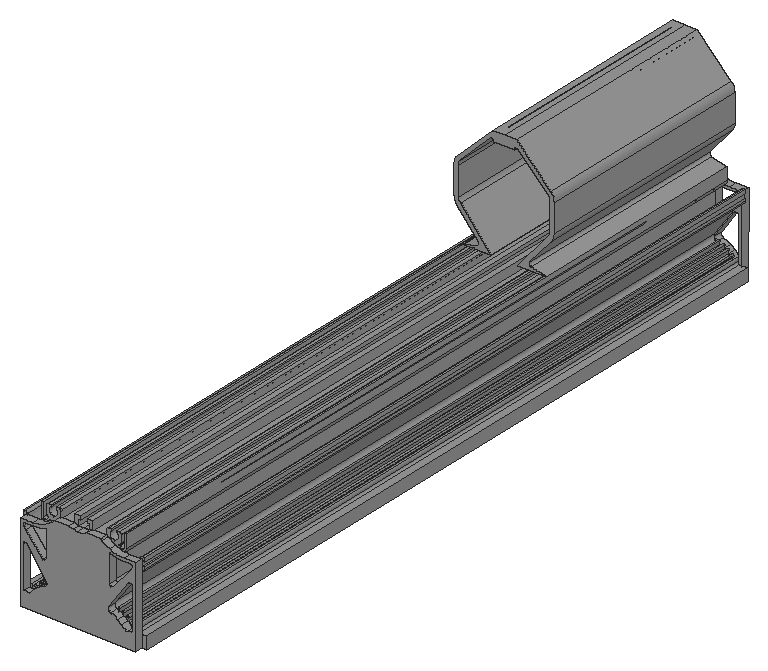
Revit family "L-street 24 Standart", category Осветительные приборы, Revit 2017 (continued)
Types (7, lengths in mm): name | built-in parameter 1150134 | Файл фотометрической сетки | built-in parameter 1150105 | Lumens | built-in parameter 1150106 | built-in parameter 1150142 | Wattage | built-in parameter 1150107 | Артикул
  L-street 24 Standart 4.0K Ш8 | 12 | "L-street 24-32-LLI8-4.0K-01 Standart.ies" | 340.19 (stored number, unit not read) | 4275 lm | 3.4019 (stored number, unit not read) | "IESNA:LM-63-1995\r\n[TEST]LEDEL\r\n[DATA]28.11.2018\r\n[MANUFAC]LEDEL\r\n[LUMCAT]L-street 24/32/Ш8/4.0К/01 Standart\r\n[LUMINAIRE]Для освещения городских улиц, придомовых территорий, парков и пр\r\n[LAMPCAT]LED \r\n[LAMP]OSRAM OSLON SQUARE\r\nTILT=NONE\r\n\r\n1 4275 1 73 145 1 2 0.533 0.083 0.148\r\n1 1 32\r\n0 2.5 5 7.5 10 12.5 15 17.5 20 22.5 25 27.5 30 32.5 35 37.5 40 42.5 45 47.5 50 52.5 55 57.5 60 62.5 65 67.5 70 72.5 75 77.5 80 82.5\r\n 85 87.5 90 92.5 95 97.5 100 102.5 105 107.5 110 112.5 115 117.5 120 122.5 125 127.5 130 132.5 135 137.5 140 142.5 145 147.5 150 \r\n152.5 155 157.5 160 162.5 165 167.5 170 172.5 175 177.5 180\r\n0 2.5 5 7.5 10 12.5 15 17.5 20 22.5 25 27.5 30 32.5 35 37.5 40 42.5 45 47.5 50 52.5 55 57.5 60 62.5 65 67.5 70 72.5 75 77.5 80 82.5\r\n 85 87.5 90 92.5 95 97.5 100 102.5 105 107.5 110 112.5 115 117.5 120 122.5 125 127.5 130 132.5 135 137.5 140 142.5 145 147.5 150 \r\n152.5 155 157.5 160 162.5 165 167.5 170 172.5 175 177.5 180 182.5 185 187.5 190 192.5 195 197.5 200 202.5 205 207.5 210 212.5 215 \r\n217.5 220 222.5 225 227.5 230 232.5 235 237.5 240 242.5 245 247.5 250 252.5 255 257.5 260 262.5 265 267.5 270 272.5 275 277.5 280 \r\n282.5 285 287.5 290 292.5 295 297.5 300 302.5 305 307.5 310 312.5 315 317.5 320 322.5 325 327.5 330 332.5 335 337.5 340 342.5 345 \r\n347.5 350 352.5 355 357.5 360\r\n1229.747 1265.943 1265.943 1269.953 1280.837 1295.157 1310.051 1326.09 1342.702 1358.741 1375.353 1389.673 1401.13 1410.295 \r\n1412.014 1410.868 1409.722 1409.15 1406.285 1400.557 1392.538 1384.518 1371.916 1353.013 1328.954 1299.74 1233.865 1099.251 866.111\r\n 402.696 123.157 55.564 61.292 69.885 69.312 64.156 51.554 0.00 0.00 0.00 0.00 0.00 0.00 0.00 0.00 0.00 0.00 0.00 0.00 0.00 0.00 \r\n0.00 0.00 0.00 0.00 0.00 0.00 0.00 0.00 0.00 0.00 0.00 0.00 0.00 0.00 0.00 0.00 0.00 0.00 0.00 0.00 0.00 0.00\r\n1229.747 1267.948 1272.817 1280.264 1292.007 1306.328 1321.794 1337.26 1352.154 1365.329 1378.217 1388.241 1393.97 1398.552 \r\n1398.839 1397.693 1397.12 1397.121 1394.829 1390.246 1381.654 1371.057 1358.741 1340.697 1303.177 1218.972 1048.27 788.494 505.805 \r\n238.295 92.511 55.278 54.132 54.705 49.836 42.103 34.083 0.00 0.00 0.00 0.00 0.00 0.00 0.00 0.00 0.00 0.00 0.00 0.00 0.00 0.00 0.00\r\n 0.00 0.00 0.00 0.00 0.00 0.00 0.00 0.00 0.00 0.00 0.00 0.00 0.00 0.00 0.00 0.00 0.00 0.00 0.00 0.00 0.00\r\n1229.747 1269.953 1279.691 1290.575 1303.177 1317.498 1333.537 1348.43 1361.605 1371.916 1381.081 1386.809 1386.809 1386.809 \r\n1385.664 1384.518 1384.518 1385.091 1383.372 1379.935 1370.77 1357.595 1345.566 1328.381 1277.40 1138.203 862.674 477.736 145.498 \r\n73.894 61.865 54.991 46.972 39.525 30.36 20.049 16.612 0.00 0.00 0.00 0.00 0.00 0.00 0.00 0.00 0.00 0.00 0.00 0.00 0.00 0.00 0.00 \r\n0.00 0.00 0.00 0.00 0.00 0.00 0.00 0.00 0.00 0.00 0.00 0.00 0.00 0.00 0.00 0.00 0.00 0.00 0.00 0.00 0.00\r\n1229.747 1266.23 1273.677 1282.842 1293.439 1305.469 1319.216 1331.246 1341.843 1349.862 1356.736 1359.887 1358.168 1357.023 \r\n1355.018 1353.586 1353.586 1354.445 1355.59 1354.445 1348.43 1340.697 1336.687 1328.668 1284.274 1142.213 854.369 458.547 134.901 \r\n72.176 60.72 53.273 46.113 38.093 28.642 19.19 16.612 0.00 0.00 0.00 0.00 0.00 0.00 0.00 0.00 0.00 0.00 0.00 0.00 0.00 0.00 0.00 \r\n0.00 0.00 0.00 0.00 0.00 0.00 0.00 0.00 0.00 0.00 0.00 0.00 0.00 0.00 0.00 0.00 0.00 0.00 0.00 0.00 0.00\r\n1229.747 1262.506 1267.662 1275.108 1283.701 1293.439 1304.895 1314.061 1322.08 1327.808 1332.391 1332.964 1329.527 1327.236 \r\n1324.371 1322.653 1322.653 1323.799 1327.808 1328.954 1326.09 1323.799 1327.808 1328.954 1291.148 1146.223 846.063 439.357 124.303 \r\n70.457 59.574 51.554 45.253 36.661 26.923 18.33 16.612 0.00 0.00 0.00 0.00 0.00 0.00 0.00 0.00 0.00 0.00 0.00 0.00 0.00 0.00 0.00 \r\n0.00 0.00 0.00 0.00 0.00 0.00 0.00 0.00 0.00 0.00 0.00 0.00 0.00 0.00 0.00 0.00 0.00 0.00 0.00 0.00 0.00\r\n1229.747 1257.637 1261.361 1266.516 1272.531 1280.264 1289.143 1295.444 1300.886 1304.609 1306.901 1305.755 1300.60 1296.017 \r\n1291.148 1288.57 1288.857 1292.007 1298.594 1302.604 1304.896 1308.906 1318.643 1318.93 1268.808 1102.402 785.916 389.808 112.56 \r\n67.593 57.283 49.549 43.248 35.229 26.064 18.044 16.326 0.00 0.00 0.00 0.00 0.00 0.00 0.00 0.00 0.00 0.00 0.00 0.00 0.00 0.00 0.00 \r\n0.00 0.00 0.00 0.00 0.00 0.00 0.00 0.00 0.00 0.00 0.00 0.00 0.00 0.00 0.00 0.00 0.00 0.00 0.00 0.00 0.00\r\n1229.747 1252.768 1255.06 1257.924 1261.361 1267.089 1273.39 1276.827 1279.691 1281.41 1281.41 1278.545 1271.672 1264.798 1257.924 \r\n1254.487 1255.06 1260.215 1269.38 1276.254 1283.701 1294.012 1309.478 1308.905 1246.467 1058.581 725.769 340.258 100.817 64.729 \r\n54.991 47.544 41.243 33.797 25.204 17.758 16.039 0.00 0.00 0.00 0.00 0.00 0.00 0.00 0.00 0.00 0.00 0.00 0.00 0.00 0.00 0.00 0.00 \r\n0.00 0.00 0.00 0.00 0.00 0.00 0.00 0.00 0.00 0.00 0.00 0.00 0.00 0.00 0.00 0.00 0.00 0.00 0.00 0.00\r\n1229.747 1249.331 1249.045 1250.191 1251.337 1254.773 1258.21 1259.07 1258.783 1258.211 1255.919 1251.05 1241.885 1231.861 1222.982\r\n 1218.686 1219.258 1224.987 1234.438 1244.176 1253.628 1263.08 1269.953 1253.914 1167.99 960.914 634.977 295.292 96.235 62.438 \r\n52.414 45.253 39.239 32.651 24.918 17.758 16.039 0.00 0.00 0.00 0.00 0.00 0.00 0.00 0.00 0.00 0.00 0.00 0.00 0.00 0.00 0.00 0.00 \r\n0.00 0.00 0.00 0.00 0.00 0.00 0.00 0.00 0.00 0.00 0.00 0.00 0.00 0.00 0.00 0.00 0.00 0.00 0.00 0.00\r\n1229.747 1245.894 1243.03 1242.457 1241.312 1242.457 1243.03 1241.312 1237.875 1235.011 1230.428 1223.554 1212.098 1198.923 \r\n1188.039 1182.884 1183.456 1189.758 1199.496 1212.098 1223.554 1232.147 1230.428 1198.923 1089.513 863.247 544.184 250.325 91.652 \r\n60.147 49.836 42.962 37.234 31.505 24.631 17.758 16.039 0.00 0.00 0.00 0.00 0.00 0.00 0.00 0.00 0.00 0.00 0.00 0.00 0.00 0.00 0.00 \r\n0.00 0.00 0.00 0.00 0.00 0.00 0.00 0.00 0.00 0.00 0.00 0.00 0.00 0.00 0.00 0.00 0.00 0.00 0.00 0.00 0.00\r\n1229.747 1241.598 1237.016 1234.724 1231.574 1229.855 1227.851 1224.127 1218.113 1212.385 1205.797 1196.345 1182.311 1167.418 \r\n1155.102 1147.369 1145.364 1148.515 1154.816 1161.403 1164.553 1159.971 1138.49 1083.212 961.773 750.974 469.43 221.97 92.511 \r\n59.288 48.118 41.53 36.088 30.646 23.199 17.185 16.039 0.00 0.00 0.00 0.00 0.00 0.00 0.00 0.00 0.00 0.00 0.00 0.00 0.00 0.00 0.00 \r\n0.00 0.00 0.00 0.00 0.00 0.00 0.00 0.00 0.00 0.00 0.00 0.00 0.00 0.00 0.00 0.00 0.00 0.00 0.00 0.00 0.00\r\n1229.747 1237.302 1231.001 1226.991 1221.836 1217.253 1212.671 1206.942 1198.35 1189.758 1181.165 1169.136 1152.524 1135.912 \r\n1122.164 1111.853 1107.271 1107.271 1110.135 1110.708 1105.552 1087.795 1046.551 967.501 834.033 638.70 394.676 193.615 93.37 \r\n58.428 46.399 40.098 34.942 29.787 21.767 16.612 16.039 0.00 0.00 0.00 0.00 0.00 0.00 0.00 0.00 0.00 0.00 0.00 0.00 0.00 0.00 0.00 \r\n0.00 0.00 0.00 0.00 0.00 0.00 0.00 0.00 0.00 0.00 0.00 0.00 0.00 0.00 0.00 0.00 0.00 0.00 0.00 0.00 0.00\r\n1229.747 1232.433 1224.70 1218.113 1210.38 1203.506 1196.346 1188.326 1178.015 1166.845 1154.529 1139.636 1121.878 1102.688 \r\n1086.649 1073.188 1063.45 1055.717 1046.838 1031.658 1005.022 960.055 891.316 796.227 667.055 499.79 311.044 161.537 84.492 54.132 \r\n43.821 37.52 32.651 27.209 20.622 16.326 15.466 0.00 0.00 0.00 0.00 0.00 0.00 0.00 0.00 0.00 0.00 0.00 0.00 0.00 0.00 0.00 0.00 \r\n0.00 0.00 0.00 0.00 0.00 0.00 0.00 0.00 0.00 0.00 0.00 0.00 0.00 0.00 0.00 0.00 0.00 0.00 0.00 0.00\r\n1229.747 1227.564 1218.399 1209.234 1198.923 1189.758 1180.02 1169.709 1157.679 1143.932 1127.892 1110.135 1091.232 1069.464 \r\n1051.134 1034.522 1019.629 1004.162 983.541 952.608 904.491 832.315 736.08 624.952 500.076 360.88 227.412 129.458 75.613 49.836 \r\n41.243 34.942 30.36 24.631 19.476 16.039 14.893 0.00 0.00 0.00 0.00 0.00 0.00 0.00 0.00 0.00 0.00 0.00 0.00 0.00 0.00 0.00 0.00 \r\n0.00 0.00 0.00 0.00 0.00 0.00 0.00 0.00 0.00 0.00 0.00 0.00 0.00 0.00 0.00 0.00 0.00 0.00 0.00 0.00\r\n1229.747 1223.554 1212.671 1201.787 1188.899 1176.869 1165.127 1152.524 1138.776 1122.738 1104.407 1084.931 1064.882 1041.396 \r\n1018.197 995.284 971.798 946.307 913.084 866.112 800.523 717.75 625.525 527.858 424.75 321.069 219.106 128.026 73.035 48.69 39.811 \r\n33.51 28.642 23.772 18.617 15.466 14.607 0.00 0.00 0.00 0.00 0.00 0.00 0.00 0.00 0.00 0.00 0.00 0.00 0.00 0.00 0.00 0.00 0.00 0.00 \r\n0.00 0.00 0.00 0.00 0.00 0.00 0.00 0.00 0.00 0.00 0.00 0.00 0.00 0.00 0.00 0.00 0.00 0.00\r\n1229.747 1219.544 1206.942 1194.34 1178.874 1163.98 1150.233 1135.339 1119.873 1101.543 1080.921 1059.726 1038.532 1013.327 985.259\r\n 956.045 923.967 888.452 842.626 779.615 696.555 603.185 514.97 430.764 349.423 281.257 210.80 126.594 70.457 47.544 38.379 32.078 \r\n26.923 22.913 17.758 14.893 14.321 0.00 0.00 0.00 0.00 0.00 0.00 0.00 0.00 0.00 0.00 0.00 0.00 0.00 0.00 0.00 0.00 0.00 0.00 0.00 \r\n0.00 0.00 0.00 0.00 0.00 0.00 0.00 0.00 0.00 0.00 0.00 0.00 0.00 0.00 0.00 0.00 0.00\r\n1229.747 1215.821 1201.787 1186.894 1169.709 1153.097 1137.631 1121.305 1103.834 1084.072 1062.591 1039.964 1016.765 988.696 \r\n956.618 921.676 884.442 841.194 785.344 711.449 623.52 535.592 453.964 377.778 313.049 266.937 211.946 132.036 70.457 47.258 37.52 \r\n31.219 26.637 22.34 17.758 14.893 13.748 0.00 0.00 0.00 0.00 0.00 0.00 0.00 0.00 0.00 0.00 0.00 0.00 0.00 0.00 0.00 0.00 0.00 0.00 \r\n0.00 0.00 0.00 0.00 0.00 0.00 0.00 0.00 0.00 0.00 0.00 0.00 0.00 0.00 0.00 0.00 0.00 0.00\r\n1229.747 1212.098 1196.631 1179.447 1160.543 1142.213 1125.028 1107.271 1087.795 1066.60 1044.26 1020.201 994.997 964.064 927.977 \r\n887.306 844.917 793.935 728.061 643.282 550.485 467.998 392.958 324.792 276.674 252.616 213.091 137.478 70.457 46.972 36.661 30.36 \r\n26.35 21.767 17.758 14.893 13.175 0.00 0.00 0.00 0.00 0.00 0.00 0.00 0.00 0.00 0.00 0.00 0.00 0.00 0.00 0.00 0.00 0.00 0.00 0.00 \r\n0.00 0.00 0.00 0.00 0.00 0.00 0.00 0.00 0.00 0.00 0.00 0.00 0.00 0.00 0.00 0.00 0.00\r\n1229.747 1209.234 1191.476 1172.573 1151.665 1131.33 1112.14 1093.237 1072.329 1050.275 1026.789 1001.012 973.23 938.86 897.904 \r\n852.65 805.965 748.969 673.929 585.714 499.217 423.318 353.147 291.855 255.194 240.30 209.081 144.352 78.191 47.831 36.375 30.074 \r\n25.777 21.481 17.185 14.034 13.175 0.00 0.00 0.00 0.00 0.00 0.00 0.00 0.00 0.00 0.00 0.00 0.00 0.00 0.00 0.00 0.00 0.00 0.00 0.00 \r\n0.00 0.00 0.00 0.00 0.00 0.00 0.00 0.00 0.00 0.00 0.00 0.00 0.00 0.00 0.00 0.00 0.00\r\n1229.747 1206.369 1186.321 1165.699 1142.786 1120.446 1099.251 1079.202 1056.862 1033.949 1009.318 981.822 951.462 913.656 867.83 \r\n817.994 767.013 704.002 619.797 528.145 447.949 378.637 313.335 258.917 233.713 227.984 205.071 151.226 85.924 48.69 36.088 29.787 \r\n25.204 21.195 16.612 13.175 13.175 0.00 0.00 0.00 0.00 0.00 0.00 0.00 0.00 0.00 0.00 0.00 0.00 0.00 0.00 0.00 0.00 0.00 0.00 0.00 \r\n0.00 0.00 0.00 0.00 0.00 0.00 0.00 0.00 0.00 0.00 0.00 0.00 0.00 0.00 0.00 0.00 0.00\r\n1229.747 1201.50 1179.161 1156.248 1132.189 1108.703 1086.649 1064.882 1041.11 1017.051 990.701 960.914 926.545 885.301 836.611 \r\n782.479 723.478 649.87 562.801 477.736 404.128 338.826 279.825 236.577 217.388 209.081 184.45 138.624 85.065 48.977 34.656 28.069 \r\n23.486 19.477 16.039 13.175 12.889 0.00 0.00 0.00 0.00 0.00 0.00 0.00 0.00 0.00 0.00 0.00 0.00 0.00 0.00 0.00 0.00 0.00 0.00 0.00 \r\n0.00 0.00 0.00 0.00 0.00 0.00 0.00 0.00 0.00 0.00 0.00 0.00 0.00 0.00 0.00 0.00 0.00\r\n1229.747 1196.631 1172.00 1146.796 1121.591 1096.96 1074.047 1050.561 1025.357 1000.152 972.084 940.006 901.627 856.946 805.392 \r\n746.964 679.943 595.738 505.804 427.327 360.307 299.015 246.315 214.237 201.062 190.178 163.828 126.022 84.205 49.263 33.224 26.35 \r\n21.767 17.758 15.466 13.175 12.602 0.00 0.00 0.00 0.00 0.00 0.00 0.00 0.00 0.00 0.00 0.00 0.00 0.00 0.00 0.00 0.00 0.00 0.00 0.00 \r\n0.00 0.00 0.00 0.00 0.00 0.00 0.00 0.00 0.00 0.00 0.00 0.00 0.00 0.00 0.00 0.00 0.00\r\n1229.747 1192.335 1165.699 1139.349 1112.713 1087.795 1063.736 1039.678 1013.901 987.837 958.05 923.108 881.865 834.606 781.047 \r\n719.755 645.86 559.077 473.44 399.832 335.389 277.248 229.13 201.062 187.887 174.998 150.08 117.43 82.201 50.982 33.797 25.491 \r\n20.908 17.185 15.18 12.889 12.602 0.00 0.00 0.00 0.00 0.00 0.00 0.00 0.00 0.00 0.00 0.00 0.00 0.00 0.00 0.00 0.00 0.00 0.00 0.00 \r\n0.00 0.00 0.00 0.00 0.00 0.00 0.00 0.00 0.00 0.00 0.00 0.00 0.00 0.00 0.00 0.00 0.00\r\n1229.747 1188.039 1159.398 1131.902 1103.834 1078.63 1053.425 1028.794 1002.444 975.521 944.016 906.209 862.102 812.266 756.702 \r\n692.545 611.777 522.416 441.075 372.336 310.471 255.48 211.945 187.887 174.712 159.818 136.332 108.837 80.196 52.70 34.37 24.631 \r\n20.049 16.612 14.893 12.602 12.602 0.00 0.00 0.00 0.00 0.00 0.00 0.00 0.00 0.00 0.00 0.00 0.00 0.00 0.00 0.00 0.00 0.00 0.00 0.00 \r\n0.00 0.00 0.00 0.00 0.00 0.00 0.00 0.00 0.00 0.00 0.00 0.00 0.00 0.00 0.00 0.00 0.00\r\n1229.747 1185.462 1155.102 1125.888 1096.96 1070.897 1045.406 1019.915 992.993 964.351 931.414 891.602 845.777 795.081 737.226 \r\n666.196 581.418 495.207 419.308 353.433 293.573 241.446 201.348 179.008 164.401 148.075 126.594 101.963 77.332 52.70 34.943 24.631 \r\n19.19 16.326 14.034 12.602 12.602 0.00 0.00 0.00 0.00 0.00 0.00 0.00 0.00 0.00 0.00 0.00 0.00 0.00 0.00 0.00 0.00 0.00 0.00 0.00 \r\n0.00 0.00 0.00 0.00 0.00 0.00 0.00 0.00 0.00 0.00 0.00 0.00 0.00 0.00 0.00 0.00 0.00\r\n1229.747 1182.884 1150.805 1119.873 1090.086 1063.163 1037.386 1011.036 983.541 953.181 918.811 876.995 829.451 777.896 717.75 \r\n639.846 551.058 467.998 397.541 334.53 276.674 227.412 190.751 170.129 154.09 136.332 116.856 95.089 74.467 52.70 35.515 24.631 \r\n18.33 16.039 13.175 12.602 12.602 0.00 0.00 0.00 0.00 0.00 0.00 0.00 0.00 0.00 0.00 0.00 0.00 0.00 0.00 0.00 0.00 0.00 0.00 0.00 \r\n0.00 0.00 0.00 0.00 0.00 0.00 0.00 0.00 0.00 0.00 0.00 0.00 0.00 0.00 0.00 0.00 0.00\r\n1229.747 1182.598 1149.087 1117.295 1086.649 1058.867 1033.09 1006.454 978.672 948.026 912.797 870.121 822.864 774.173 714.313 \r\n631.826 540.747 459.979 392.099 331.093 274.67 224.261 188.46 168.984 153.231 135.187 115.997 96.235 77.045 56.424 38.952 27.209 \r\n19.763 16.326 13.748 12.602 12.602 0.00 0.00 0.00 0.00 0.00 0.00 0.00 0.00 0.00 0.00 0.00 0.00 0.00 0.00 0.00 0.00 0.00 0.00 0.00 \r\n0.00 0.00 0.00 0.00 0.00 0.00 0.00 0.00 0.00 0.00 0.00 0.00 0.00 0.00 0.00 0.00 0.00\r\n1229.747 1182.311 1147.369 1114.717 1083.212 1054.571 1028.794 1001.871 973.803 942.87 906.782 863.247 816.276 770.45 710.876 \r\n623.806 530.436 451.959 386.657 327.656 272.665 221.11 186.168 167.838 152.371 134.041 115.138 97.38 79.623 60.147 42.389 29.787 \r\n21.195 16.612 14.321 12.602 12.602 0.00 0.00 0.00 0.00 0.00 0.00 0.00 0.00 0.00 0.00 0.00 0.00 0.00 0.00 0.00 0.00 0.00 0.00 0.00 \r\n0.00 0.00 0.00 0.00 0.00 0.00 0.00 0.00 0.00 0.00 0.00 0.00 0.00 0.00 0.00 0.00 0.00\r\n1229.747 1174.005 1139.063 1105.266 1073.761 1045.979 1019.343 991.56 962.06 929.409 892.175 849.213 803.674 754.984 685.672 \r\n593.447 503.513 429.333 366.322 308.18 255.194 208.795 179.008 162.11 144.925 126.022 106.259 87.07 69.312 52.414 38.38 27.782 \r\n19.763 15.753 13.462 12.03 12.03 0.00 0.00 0.00 0.00 0.00 0.00 0.00 0.00 0.00 0.00 0.00 0.00 0.00 0.00 0.00 0.00 0.00 0.00 0.00 \r\n0.00 0.00 0.00 0.00 0.00 0.00 0.00 0.00 0.00 0.00 0.00 0.00 0.00 0.00 0.00 0.00 0.00\r\n1229.747 1165.699 1130.757 1095.814 1064.309 1037.386 1009.891 981.249 950.317 915.947 877.568 835.179 791.071 739.517 660.467 \r\n563.087 476.59 406.706 345.986 288.704 237.722 196.479 171.848 156.381 137.478 118.002 97.38 76.759 59.001 44.68 34.37 25.777 18.33\r\n 14.893 12.602 11.457 11.457 0.00 0.00 0.00 0.00 0.00 0.00 0.00 0.00 0.00 0.00 0.00 0.00 0.00 0.00 0.00 0.00 0.00 0.00 0.00 0.00 \r\n0.00 0.00 0.00 0.00 0.00 0.00 0.00 0.00 0.00 0.00 0.00 0.00 0.00 0.00 0.00 0.00\r\n1229.747 1166.272 1130.184 1094.096 1061.731 1034.522 1007.313 978.385 946.594 911.938 872.699 829.737 786.202 733.503 651.016 \r\n553.922 469.717 400.405 341.117 284.122 233.426 193.329 170.989 155.809 136.905 115.997 94.803 74.181 57.283 4
